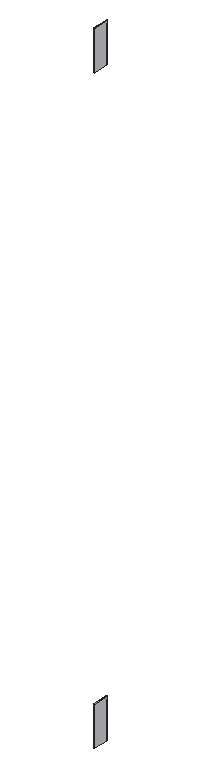
Revit family "BG_DORc_HingeSet-Type1", category Doors, Revit 2020
Family settings
  Work Plane-Based = Yes
  Always vertical = Yes
  Cut with Voids When Loaded = No
  Shared = No
  Room Calculation Point = No
Parameters (values of type "Hinge set")
  Width = 0 mm  # constant formula
  Thickness = 0 mm  # constant formula
  Spacing [instance] = (Height - (2 * Hinge inset)) / (Hinge count override - 1)  # 1640 mm
  Rough Width = 0 mm  # constant formula
  Rough Height = 0 mm  # constant formula
  Hinge thickness [instance] = Hinge gap / 2  # 1.5 mm
  Hinge inset [instance] = 200 mm
  Hinge height = 100 mm
  Hinge gap [instance] = 3 mm
  Hinge depth [instance] = 40 mm
  Hinge count override [instance] = if(Hinge count < 2, 2, Hinge count)  # 2
  Hinge count [instance] = 2
  Hinge angle [instance] = 0.00°
  Height = 2040 mm
  Finish [instance] = none
  Default Elevation = 1219.2 mm
Reference planes
  plane 1 "Center (Front/Back)": y = 0
  plane 2: z = 0
  plane 3 "Center (Left/Right)": x = 0
  plane 4: z = 200
  plane 5: z = 2040
  plane 6: z = 1840
Lines and regions (mm)
  model lines, style "InvisibleLines"
    curve 1: line (0, 0, 0) -> (0, 0, 2040)
Dimensions and locks
  "Hinge inset": plane 4 to level
  "Height": plane 5 to level
  group 1 to group 2 = 0 mm  (x2)
  group 1 to group 2 = 1540 mm
  "Spacing": plane 6 to plane 4
  aligned and locked: level to plane 2
  aligned and locked: plane 3 "Center (Left/Right)" to nested 1
  aligned and locked: plane 1 "Center (Front/Back)" to nested 1
  aligned and locked: plane 1 "Center (Front/Back)" to nested 2
  aligned and locked: plane 3 "Center (Left/Right)" to nested 2
  aligned and locked: plane 6 to nested 2
  aligned and locked: plane 5 to curve 1
  aligned and locked: level to curve 1
  aligned and locked: plane 3 "Center (Left/Right)" to curve 1
Nested families
  nested 1: "BG_DORc_Hinge-Type1" at (0, 0, 300), Open angle <- "Hinge angle", type "BG_DORc_Hinge-Type1"
    with Open angle 0.00°
  nested 2: "BG_DORc_Hinge-Type1" at (0, 0, 1840), Open angle <- "Hinge angle", type "BG_DORc_Hinge-Type1"
    with Open angle 0.00°
Definition of nested family "BG_DORc_Hinge-Type1"
  Parameters (values of type "BG_DORc_Hinge-Type1")
    Width = 0 mm  # constant formula
    Rough Width = 0 mm  # constant formula
    Rough Height = 0 mm  # constant formula
    Open angle [instance] = 30.00°
    Hinge thickness = 1.5 mm
    Hinge depth = 40 mm
    Height = 100 mm
    Finish = none
    Default Elevation = 1219.2 mm
  Reference planes
    plane 1 "Front": y = 0
    plane 2 "Center (Elevation)": z = 0
    plane 3 "Center (Left/Right)": x = 0
    plane 4 "Right": x = 1.5
    plane 5: y = -40
    plane 6: z = 50
    plane 7: z = -50
  Forms (mm)
    Extrusion 1, solid, material <- "Finish"
      sketch origin (0, 0, 0) x (0, 1, 0) y (-1, 0, 0)
        loop
          line (0.75, 1.299) -> (-33.891, 21.299) -> (-34.641, 20) -> (0, 0) -> (0.75, 1.299)
      from -50 to 50
    Extrusion 2, solid, material <- "Finish"
      sketch origin (0, 0, 0) x (1, 0, 0) y (0, 1, 0)
        loop
          line (1.5, -40) -> (1.5, 0)
          arc (1.5, 0) -> (1.061, -1.061) -> (0, -1.5) r 1.5
          line (0, -1.5) -> (0, -40) -> (1.5, -40)
      from -50 to 50
    Extrusion 3, solid, material <- "Finish"
      sketch origin (0, 0, 0) x (1, 0, 0) y (0, 1, 0)
        loop
          circle (0, 0) r 1.5
      from -50 to 50
  Cuts and joins
    joined: Extrusion 1, Extrusion 3
  Lines and regions (mm)
    reference lines
      curve 1: line (0, 0, 0) -> (1.5, 0, 0)
      curve 2: line (0, 0, 0) -> (-20, -34.641, 0)
      curve 3: line (0, 0, 0) -> (-1.299, 0.75, 0)
      curve 4: line (-1.299, 0.75, 0) -> (-21.299, -33.891, 0)
      curve 5: line (-20, -34.641, 0) -> (-21.299, -33.891, 0)
  Dimensions and locks
    "Hinge thickness": curve 2 to curve 4
    "Hinge thickness": plane 3 "Center (Left/Right)" to plane 4 "Right"
    "Hinge depth": plane 1 "Front" to plane 5
    "Hinge depth": curve 3 to curve 5
    equal spacing: plane 6, level, plane 7
    "Height": plane 6 to plane 7
    "Hinge thickness": radius of Extrusion 3 sketch curve
    "Hinge thickness": radius of Extrusion 2 sketch curve
    locked: cut or joined group of Extrusion 1, Extrusion 3 to cut or joined group of Extrusion 1, Extrusion 3 (angle 90.00°)
    locked: cut or joined group of Extrusion 1, Extrusion 3 to curve 3 (angle 90.00°)
    "Open angle": angle curve 4 to plane 3 "Center (Left/Right)"
    aligned and locked: level to plane 2 "Center (Elevation)"
    aligned and locked: plane 3 "Center (Left/Right)" to curve 1
    aligned and locked: plane 1 "Front" to curve 1
    aligned and locked: Extrusion 2 sketch curve to plane 4 "Right"
    aligned and locked: Extrusion 2 sketch curve to plane 5
    aligned and locked: plane 4 "Right" to curve 1
    aligned and locked: plane 1 "Front" to Extrusion 3 sketch curve
    aligned and locked: plane 3 "Center (Left/Right)" to Extrusion 2 sketch curve  (x2)
    aligned and locked: plane 3 "Center (Left/Right)" to Extrusion 3 sketch curve
    aligned and locked: plane 1 "Front" to Extrusion 2 sketch curve
    aligned and locked: plane 6 to Extrusion 1
    aligned and locked: plane 6 to Extrusion 3
    aligned and locked: plane 6 to Extrusion 2
    aligned and locked: plane 7 to Extrusion 1
    aligned and locked: plane 7 to Extrusion 2
    aligned and locked: plane 7 to Extrusion 3
    aligned and locked: Extrusion 1 sketch curve to curve 4
    aligned and locked: Extrusion 1 sketch curve to curve 2
    aligned and locked: Extrusion 1 sketch curve to curve 5
    aligned and locked: Extrusion 1 sketch curve to curve 3
